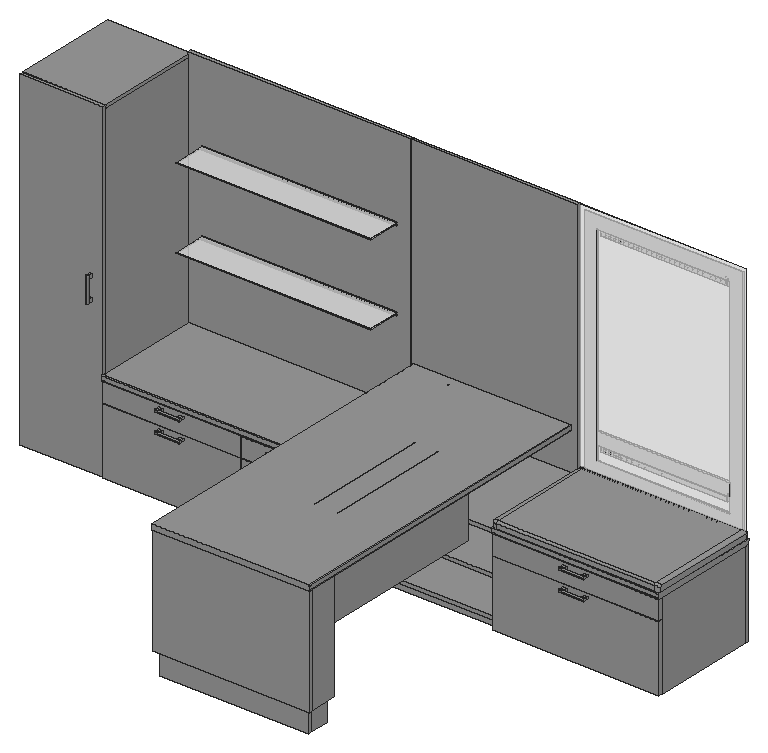
Revit family "JSI-Vision-Typical_Veneer-VSV135", category Furniture, Revit 2020 (continued)
Definition of nested family "JSI-Vision-Wall_Panel_Markerboard_Laminate-Glass_Shelf"
  Automatic sketch dimensions
    plane 1 "Center Front/Back" to Extrusion 4 sketch curve = 0.03197"  (x14)
    Extrusion 5 sketch curve to plane 1 "Center Front/Back" = 0"  (x2)
    Extrusion 5 sketch curve to Extrusion 5 sketch curve = 0.03197"  (x14)
    Extrusion 6 sketch curve to plane 1 "Center Front/Back" = 0"  (x2)
    Extrusion 6 sketch curve to Extrusion 6 sketch curve = 0.03197"  (x14)
    Extrusion 6 sketch curve to plane 5 = 2 7/8"
    plane 8 to Extrusion 6 sketch curve = 4 7/8"
    Extrusion 7 sketch curve to plane 7 = 0"
    plane 7 to Extrusion 7 sketch curve = 0.03875"  (x2)
    plane 1 "Center Front/Back" to Extrusion 7 sketch curve = 0.18812"
    Extrusion 7 sketch curve to plane 10 = 0.11811"
    Extrusion 7 sketch curve to Extrusion 7 sketch curve = 0.03875"
    plane 10 to Extrusion 7 sketch curve = 0.07874"
    plane 10 to Extrusion 7 sketch curve = 0.11811"
    plane 10 to Extrusion 8 sketch curve = 0.1829"
    plane 1 "Center Front/Back" to Extrusion 8 sketch curve = 0.99939"
    Extrusion 8 sketch curve to plane 10 = 0.1829"
    Extrusion 8 sketch curve to Extrusion 8 sketch curve = 0"
    Extrusion 8 sketch curve to Extrusion 8 sketch curve = 0.26706"  (x2)
    Extrusion 8 sketch curve to Extrusion 8 sketch curve = 0.16855"  (x2)
    plane 1 "Center Front/Back" to Extrusion 8 sketch curve = 0.2"  (x2)
    plane 1 "Center Front/Back" to Extrusion 8 sketch curve = 0.12906"
    Extrusion 8 sketch curve to Extrusion 8 sketch curve = 0.09512"  (x2)
    plane 1 "Center Front/Back" to Extrusion 8 sketch curve = 0.03647"
    Extrusion 8 sketch curve to Extrusion 8 sketch curve = 0.15251"  (x2)
    Extrusion 8 sketch curve to Extrusion 8 sketch curve = 0.4589"  (x2)
    Extrusion 8 sketch curve to Extrusion 8 sketch curve = 0.07343"  (x2)
    Extrusion 8 sketch curve to Extrusion 8 sketch curve = 0.47224"  (x2)
Definition of nested family "JSI-Vision-Box_File_Modular_Bench_Pedestal"
  Parameters (values of type "Type Catalog")
    Width = 18"
    URL = "www.jsifurniture.com"
    Top = none
    Tag = "BF"
    Series = "Vision Casegoods"  # constant formula
    Pull Finish = none
    Model = "Type Catalog"
    Manufacturer = "JSI"  # constant formula
    Keynote = "12500"
    JSI Enviromental Website = "http://www.jsifurniture.com/jsi_sustainability_intro.php"
    Height = 18 3/4"
    Description = "Type Catalog"
    Depth = 18"
    Default Elevation = 0"
    Chassis = none
    Drawer Front = none
    Assembly Code = "E2020200"
  Reference planes (in)
    plane 1 "Center Front/Back": y = 0
    plane 2: z = 0
    plane 3 "Center Left/Right": x = 0
    plane 4: x = 18
    plane 5: y = -17.12
    plane 6: y = -17.25
    plane 7: x = 0.0625
    plane 8: x = 17.9375
    plane 9: y = -18
    plane 10: z = 0.14
    plane 11: z = 14.3909
    plane 12: z = 14.5159
    plane 13: x = 0.75
    plane 14: x = 17.25
    plane 15: y = -0.75
    plane 16: y = -16.37913
    plane 17: x = 9
    plane 18: z = 18.75
    plane 19: z = 18.6409
    plane 20: z = 18
  Forms (in)
    Extrusion 1, solid, material <- "Chassis"
      sketch origin (0.125, -0.1875, 48) x (0, 1, 0) y (0, 0, 1)
        loop
          line (-0.5625, -29.25) -> (-16.9325, -29.25) -> (-16.9325, -48) -> (-0.5625, -48) -> (-0.5625, -29.25)
      from -0.125 to 0.625
    Extrusion 2, solid, material <- "Chassis"
      sketch origin (29.875, -0.1875, 48) x (0, 1, 0) y (0, 0, 1)
        loop
          line (-0.5625, -29.25) -> (-16.9325, -29.25) -> (-16.9325, -48) -> (-0.5625, -48) -> (-0.5625, -29.25)
      from -12.625 to -11.875
    Extrusion 3, solid, material <- "Drawer Front"
      sketch origin (0, 0, 0) x (1, 0, 0) y (0, 0, 1)
        loop
          line (0.0625, 18.6409) -> (0.0625, 14.5159) -> (17.9375, 14.5159) -> (17.9375, 18.6409) -> (0.0625, 18.6409)
        loop
          line (0.0625, 14.3909) -> (0.0625, 0.14) -> (17.9375, 0.14) -> (17.9375, 14.3909) -> (0.0625, 14.3909)
      from 17.25 to 18
    Extrusion 4, solid, material <- "Chassis"
      sketch origin (0, 0, 0) x (1, 0, 0) y (0, 1, 0)
        loop
          line (0.75, -16.37913) -> (0.75, -17.12) -> (17.25, -17.12) -> (17.25, -16.37913) -> (0.75, -16.37913)
      from 0 to 1.9375
    Extrusion 5, solid, material <- "Top"
      sketch origin (0, 0, 0) x (0, 1, 0) y (0, 0, 1)
        loop
          line (-1.5, 18.75) -> (-17.12, 18.75) -> (-17.12, 18) -> (-1.5, 18) -> (-1.5, 18.75)
      from 0.75 to 17.25
    Extrusion 6, solid, material <- "Chassis"
      sketch origin (0, 0, 0) x (0, 1, 0) y (0, 0, 1)
        loop
          line (-1.5, 13.75) -> (-0.75, 13.75) -> (-0.75, 18.75) -> (-1.5, 18.75) -> (-1.5, 13.75)
        loop
          line (-1.5, 0) -> (-0.75, 0) -> (-0.75, 5) -> (-1.5, 5) -> (-1.5, 0)
      from 0.75 to 17.25
  Lines and regions (in)
    symbolic lines
      curve 1: line (0, 0, 0) -> (18, 0, 0)
      curve 2: line (0, -17.12, 0) -> (0, 0, 0)
      curve 3: line (18, -17.12, 0) -> (0, -17.12, 0)
      curve 4: line (18, 0, 0) -> (18, -17.12, 0)
      curve 5: line (0.0625, -17.25, 0) -> (17.9375, -17.25, 0)
      curve 6: line (0.0625, -18, 0) -> (0.0625, -17.25, 0)
      curve 7: line (17.9375, -18, 0) -> (0.0625, -18, 0)
      curve 8: line (17.9375, -17.25, 0) -> (17.9375, -18, 0)
  Dimensions and locks (in)
    plane 16 to plane 5 to plane 6 to plane 9 = 0.74087" locked, 0.13" locked, 3/4" locked
    "Depth": plane 1 "Center Front/Back" to plane 9
    locked: plane 19 to plane 18 at 0.1091
    "Width": plane 3 "Center Left/Right" to plane 4
    equal spacing: plane 3 "Center Left/Right", plane 17, plane 4
    plane 1 "Center Front/Back" to plane 15 = 3/4"
    "Height": plane 18 to level
    locked: plane 18 to plane 20 at 0.75
    locked: plane 12 to plane 11 at 0.125
    plane 19 to plane 12 to plane 10 to plane 2 = 4 1/8" locked, 14.3759" locked, 0.14" locked
    plane 3 "Center Left/Right" to plane 7 to plane 13 = 1/16" locked, 11/16" locked
    plane 14 to plane 8 to plane 4 = 11/16" locked, 1/16" locked
    locked: Extrusion 6 sketch curve to plane 2 at 5
    locked: Extrusion 6 sketch curve to plane 18 at 5
    locked: plane 15 to Extrusion 6 sketch curve at 0.75
    locked: Extrusion 3 to nested 2 at 0.75
    locked: Extrusion 3 to nested 1 at 0.75
    aligned and locked: level to plane 2
    aligned and locked: plane 15 to Extrusion 1 sketch curve
    aligned and locked: Extrusion 1 sketch curve to plane 5
    aligned and locked: Extrusion 1 sketch curve to level
    aligned and locked: plane 13 to Extrusion 1
    aligned and locked: Extrusion 2 sketch curve to plane 15
    aligned and locked: level to Extrusion 2 sketch curve
    aligned and locked: plane 5 to Extrusion 2 sketch curve
    aligned and locked: Extrusion 3 sketch curve to plane 7  (x2)
    aligned and locked: plane 8 to Extrusion 3 sketch curve  (x2)
    aligned and locked: plane 12 to Extrusion 3 sketch curve
    aligned and locked: Extrusion 3 sketch curve to plane 11
    aligned and locked: plane 10 to Extrusion 3 sketch curve
    aligned and locked: Extrusion 3 to plane 9
    aligned and locked: plane 6 to Extrusion 3
    aligned and locked: Extrusion 4 sketch curve to plane 16
    aligned and locked: plane 13 to Extrusion 4 sketch curve
    aligned and locked: nested 1 to plane 9
    aligned and locked: nested 2 to plane 9
    aligned and locked: nested 2 to plane 17
    aligned and locked: nested 1 to plane 17
    aligned and locked: plane 17 to nested 3
    aligned and locked: nested 3 to plane 9
    aligned and locked: plane 18 to Extrusion 2
    aligned and locked: plane 18 to Extrusion 1
    aligned and locked: plane 19 to Extrusion 3 sketch curve
    aligned and locked: Extrusion 1 to plane 3 "Center Left/Right"
    aligned and locked: plane 3 "Center Left/Right" to curve 2
    aligned and locked: plane 1 "Center Front/Back" to curve 1
    aligned and locked: plane 4 to Extrusion 2
    aligned and locked: curve 4 to plane 4
    aligned and locked: Extrusion 5 sketch curve to plane 18
    aligned and locked: Extrusion 2 to plane 14
    aligned and locked: Extrusion 5 to plane 5
    aligned and locked: plane 14 to Extrusion 5
    aligned and locked: Extrusion 6 sketch curve to Extrusion 6 sketch curve  (x2)
    aligned and locked: plane 15 to Extrusion 6 sketch curve
    aligned and locked: plane 18 to Extrusion 6 sketch curve
    aligned and locked: Extrusion 6 sketch curve to plane 2
    aligned and locked: Extrusion 6 to Extrusion 5 sketch curve
    aligned and locked: Extrusion 6 to plane 13
    aligned and locked: plane 14 to Extrusion 6
  Automatic sketch dimensions
    Extrusion 4 sketch curve to plane 5 = 0"
    Extrusion 4 sketch curve to plane 14 = 0"
    curve 6 to plane 6 = 0"
    curve 6 to plane 7 = 0"
    curve 5 to plane 8 = 0"
    curve 6 to plane 9 = 0"
    curve 2 to plane 5 = 0"
    Extrusion 1 sketch curve to plane 18 = 0"
    Extrusion 2 sketch curve to plane 18 = 0"
    Extrusion 5 sketch curve to Extrusion 5 sketch curve = 3/4"
    plane 9 to Extrusion 5 sketch curve = 0.88"
  Nested families (in)
    nested 1: "Bar Pull" at (9, -18, 13.6409), Pull Finish <- "Pull Finish", type "PL"
      with Pull Finish none
    nested 2: "Bar Pull" at (9, -18, 17.8909), Pull Finish <- "Pull Finish", type "PL"
      with Pull Finish none
    nested 3: "Label 1-16" at (9, -18, 0), type "DRWCFG"
  Definition of nested family "Bar Pull"
    Parameters
      Pull Finish [instance] = none
      Default Elevation = 0"
    Reference planes (in)
      plane 1 "Center Front/Back": y = 0
      plane 2: z = 0
      plane 3 "Center Left/Right": x = 0
      plane 4: x = -2.68731
      plane 5: x = -1.88731
      plane 6: x = 2.68731
      plane 7: x = 1.88731
      plane 8: y = -1
      plane 9: y = -0.85202
    Forms (in)
      Extrusion 1, solid, material <- "Pull Finish"
        sketch origin (0, 0, 0) x (0, 1, 0) y (0, 0, 1)
          loop
            line (0, -0.2015) -> (0, 0.2015) -> (-0.85202, 0.2015)
            arc (-0.85202, 0.2015) -> (-0.75, 0) -> (-0.85202, -0.2015) r 0.25
            line (-0.85202, -0.2015) -> (0, -0.2015)
        from 1.88731 to 2.68731
      Extrusion 2, solid, material <- "Pull Finish"
        sketch origin (0, 0, 0) x (0, 1, 0) y (0, 0, 1)
          loop
            circle (-1, 0) r 0.25
        from -2.68731 to 2.68731
      Extrusion 3, solid, material <- "Pull Finish"
        sketch origin (0, 0, 0) x (0, 1, 0) y (0, 0, -1)
          loop
            line (0, 0.2015) -> (-0.85202, 0.2015)
            arc (-0.85202, 0.2015) -> (-0.75, 0) -> (-0.85202, -0.2015) r 0.25
            line (-0.85202, -0.2015) -> (0, -0.2015) -> (0, 0.2015)
        from 1.88731 to 2.68731
    Dimensions and locks (in)
      plane 4 to plane 5 to plane 3 "Center Left/Right" to plane 7 to plane 6 = 0.8" locked, 1.88731" locked, 1.88731" locked, 0.8" locked
      plane 8 to plane 9 to plane 1 "Center Front/Back" = 0.14798" locked, 0.85202" locked
      aligned and locked: level to plane 2
      aligned and locked: plane 4 to Extrusion 3
      aligned and locked: Extrusion 3 to plane 5
      aligned and locked: plane 4 to Extrusion 2
      aligned and locked: Extrusion 1 to plane 7
      aligned and locked: plane 6 to Extrusion 1
      aligned and locked: plane 6 to Extrusion 2
      aligned and locked: plane 8 to Extrusion 2 sketch curve
      aligned and locked: Extrusion 3 to plane 1 "Center Front/Back"
      aligned and locked: Extrusion 1 to plane 1 "Center Front/Back"
      aligned and locked: plane 5 to Extrusion 3
      aligned and locked: Extrusion 3 to plane 4
      aligned and locked: Extrusion 2 to plane 4
      aligned and locked: plane 7 to Extrusion 1
      aligned and locked: Extrusion 1 to plane 6
      aligned and locked: Extrusion 2 to plane 6
  Definition of nested family "Label 1-16"
    Parameters
      Width = 1"
      Model Name = "FF"
    Reference planes (in)
      plane 1: y = 0
      plane 2: x = 0
    Text (in)
      label "XX" at (0.00051, -0.12324, 0), shows "Model Name"
Definition of nested family "JSI-Vision-Bench_Height_Modular_Top"
  Parameters (values of type "Type Catalog")
    Worksurface = none
    Width = 42"
    URL = "www.jsifurniture.com"
    Type Comments = ""
    Series = "Vision Casegoods"  # constant formula
    Model = "Type Catalog"
    Material = ""
    Manufacturer = "JSI"  # constant formula
    Keynote = "12500"
    JSI Enviromental Website = "http://www.jsifurniture.com/jsi_sustainability_intro.php"
    Height = 19 1/2"
    Description = "Type Catalog"
    Depth = 30"
    Default Elevation = 0"
    Assembly Code = "E2020200"
  Reference planes (in)
    plane 1 "Center Front/Back": y = 0
    plane 2: z = 0
    plane 3 "Center Left/Right": x = 0
    plane 4: z = 0
    plane 5: x = 42
    plane 6: y = -30
    plane 7: z = 20.6875
    plane 8: z = 19.5
  Forms (in)
    Extrusion 1, solid, material <- "Worksurface"
      sketch origin (0, 0, 28) x (0, 1, 0) y (0, 0, 1)
        loop
          line (-29.88189, -8.5) -> (0, -8.5) -> (0, -7.3125) -> (-29.88189, -7.3125)
          arc (-29.88189, -7.3125) -> (-29.96541, -7.34709) -> (-30, -7.43061) r 0.11811
          line (-30, -7.43061) -> (-30, -8.38189)
          arc (-30, -8.38189) -> (-29.96541, -8.46541) -> (-29.88189, -8.5) r 0.11811
      from 0 to 42
  Lines and regions (in)
    symbolic lines
      curve 1: line (0, 0, 0) -> (42, 0, 0)
      curve 2: line (0, -30, 0) -> (0, 0, 0)
      curve 3: line (42, -30, 0) -> (0, -30, 0)
      curve 4: line (42, 0, 0) -> (42, -30, 0)
  Dimensions and locks (in)
    "Depth": plane 6 to plane 1 "Center Front/Back"
    "Width": plane 5 to plane 3 "Center Left/Right"
    locked: plane 7 to plane 8 at 1.1875
    "Height": plane 8 to level
    aligned and locked: level to plane 2
    aligned and locked: plane 5 to Extrusion 1
    aligned and locked: curve 1 to Extrusion 1
    aligned and locked: curve 2 to Extrusion 1
    aligned and locked: plane 6 to curve 3
    aligned and locked: curve 4 to plane 5
    aligned and locked: Extrusion 1 to plane 8
    aligned and locked: Extrusion 1 to plane 7
  Automatic sketch dimensions
    Extrusion 1 sketch curve to plane 6 = 0"
    level to Extrusion 1 sketch curve = 19 1/2"
    Extrusion 1 sketch curve to plane 7 = 0"
    Extrusion 1 sketch curve to plane 1 "Center Front/Back" = 0"
    Extrusion 1 sketch curve to Extrusion 1 sketch curve = 0.11811"
    plane 6 to Extrusion 1 sketch curve = 0.11811"
Definition of nested family "JSI-Vision-Adj_Height_Peninsula_Desk-Credenza"
  Parameters (values of type "VSTB3672-AH24PDR, Adj Height Peninsula Desk Credenza 20"H, 72"W")
    Width = 72"
    Upper Leg Finish = none
    Upper Case Finish = none
    URL = "www.jsifurniture.com"
    Type Comments = ""
    Top Finish = none
    Support Finish = none
    Side Finish = none
    Shelf Finish = none
    Series = "Vision Casegoods"  # constant formula
    Rail Finish = none
    Modesty Finish = none
    Model = "VSTB3672-AH24PDR"
    Manufacturer = "JSI"  # constant formula
    Low Leg Finish = none
    Low Case Finish = none
    Keynote = "12500"  # constant formula
    JSI Enviromental Website = "http://www.jsifurniture.com/jsi_sustainability_intro.php"
    Height = 29 1/2"
    Grommet Finish = none
    Divider Finish = none
    Description = "Adj Height Peninsula Desk Credenza Laminate - 72\"W x 36\"D x Adj Height"
    Depth = 36"
    Default Elevation = 0"
    Back Finish = none
    Assembly Code = "E2020200"
  Types (2): name | Model | Description
    VSTB3672-AH24PDR, Adj Height Peninsula Desk Credenza 20"H, 72"W | "VSTB3672-AH24PDR" | "Adj Height Peninsula Desk Credenza Laminate - 72\"W x 36\"D x Adj Height"
    VSVB3672-AH24PDR, Adj Height Peninsula Desk Credenza 20"H, 72"W | "VSVB3672-AH24PDR" | "Adj Height Peninsula Desk Credenza Venner - 72\"W x 36\"D x Adj Height"
  Reference planes (in)
    plane 1 "Center Front/Back": y = 0
    plane 2: z = 0
    plane 3 "Center Left/Right": x = 0
    plane 4: z = 0
    plane 5: x = 72
    plane 6: z = 29.5
    plane 7: y = -36
    plane 8: z = 28.3125
    plane 9: y = -18
  Forms (in)
    Extrusion 1, solid, material <- "Top Finish"
      sketch origin (0, 0, 0) x (0, 1, 0) y (0, 0, 1)
        loop
          arc (-35, 28.43061) -> (-34.96541, 28.34709) -> (-34.88189, 28.3125) r 0.11811
          line (-34.88189, 28.3125) -> (-1.125, 28.3125)
          arc (-1.125, 28.3125) -> (-1.03661, 28.34911) -> (-1, 28.4375) r 0.125
          line (-1, 28.4375) -> (-1, 29.375)
          arc (-1, 29.375) -> (-1.03661, 29.46339) -> (-1.125, 29.5) r 0.125
          line (-1.125, 29.5) -> (-34.88189, 29.5)
          arc (-34.88189, 29.5) -> (-34.96541, 29.46541) -> (-35, 29.38189) r 0.11811
          line (-35, 29.38189) -> (-35, 28.43061)
      from 1.53913 to 72
    Extrusion 2, solid, material <- "Top Finish"
      sketch origin (0, 0, 0) x (1, 0, 0) y (0, 0, 1)
        loop
          line (0, 19.53125) -> (0, 18.78125) -> (23.75, 18.78125) -> (23.75, 19.53125) -> (0, 19.53125)
      from 0 to 36
    Extrusion 3, solid, material <- "Shelf Finish"
      sketch origin (0, 0, 0) x (0, 1, 0) y (0, 0, 1)
        loop
          line (-0.8125, 18.03125) -> (-0.8125, 18.78125) -> (-35.1875, 18.78125) -> (-35.1875, 18.03125) -> (-0.8125, 18.03125)
      from 0.75 to 22.875
    Extrusion 4, solid, material <- "Side Finish"
      sketch origin (0, 0, 0) x (1, 0, 0) y (0, 1, 0)
        loop
          line (22.875, -0.8125) -> (22.875, -0.0625) -> (0.75, -0.0625) -> (0.75, -0.8125) -> (22.875, -0.8125)
        loop
          line (22.875, -35.1875) -> (0.75, -35.1875) -> (0.75, -35.9375) -> (22.875, -35.9375) -> (22.875, -35.1875)
      from 0 to 18.78125
    Extrusion 5, solid, material <- "Back Finish"
      sketch origin (0, 0, 0) x (1, 0, 0) y (0, 1, 0)
        loop
          line (0.75, -35.9375) -> (0.75, -0.0625) -> (0, -0.0625) -> (0, -35.9375) -> (0.75, -35.9375)
      from 0 to 18.78125
    Extrusion 6, solid, material <- "Divider Finish"
      sketch origin (0, 0, 0) x (1, 0, 0) y (0, 0, 1)
        loop
          line (9.42028, 1.96875) -> (9.42028, 15.96875) -> (8.67028, 15.96875) -> (8.67028, 1.96875) -> (9.42028, 1.96875)
      from 0.8125 to 35.1875
    Extrusion 7, solid, material <- "Shelf Finish"
      sketch origin (0, 0, 0) x (1, 0, 0) y (0, 0, 1)
        loop
          line (22.42028, 9.98844) -> (9.42028, 9.98844) -> (9.42028, 9.23844) -> (22.42028, 9.23844) -> (22.42028, 9.98844)
        loop
          line (22.75, 1.96875) -> (0.75, 1.96875) -> (0.75, 1.21875) -> (22.75, 1.21875) -> (22.75, 1.96875)
      from 0.8125 to 35.1875
    Extrusion 8, solid, material <- "Upper Case Finish"
      sketch origin (0, 0, 0) x (1, 0, 0) y (0, 1, 0)
        loop
          line (71.09769, -1.125) -> (71.09769, -34.875) -> (71.84769, -34.875) -> (71.84769, -1.125) -> (71.09769, -1.125)
      from 4.84375 to 28.3125
    Extrusion 9, solid, material <- "Low Case Finish"
      sketch origin (0, 0, 0) x (1, 0, 0) y (0, 1, 0)
        loop
          line (70.22269, -2.03125) -> (70.22269, -33.96875) -> (70.97269, -33.96875) -> (70.97269, -2.03125) -> (70.22269, -2.03125)
        loop
          line (66.80241, -33.1875) -> (66.80241, -2.8125) -> (66.05241, -2.8125) -> (66.05241, -33.1875) -> (66.80241, -33.1875)
      from 24.4375 to 0
    Extrusion 10, solid, material <- "Low Case Finish"
      sketch origin (0, 0, 0) x (1, 0, 0) y (0, 1, 0)
        loop
          line (70.22269, -2.0625) -> (66.00394, -2.0625) -> (66.00394, -2.8125) -> (70.22269, -2.8125) -> (70.22269, -2.0625)
        loop
          line (70.22269, -33.1875) -> (66.00394, -33.1875) -> (66.00394, -33.9375) -> (70.22269, -33.9375) -> (70.22269, -33.1875)
      from 0 to 24.4375
    Extrusion 11, solid, material <- "Rail Finish"
      sketch origin (0, 0, 0) x (1, 0, 0) y (0, 0, 1)
        loop
          line (19.625, 1.21875) -> (19.625, 0) -> (22.625, 0) -> (22.625, 1.21875) -> (19.625, 1.21875)
        loop
          line (5.875, 1.21875) -> (2.125, 1.21875) -> (2.125, 0) -> (5.875, 0) -> (5.875, 1.21875)
      from 0.8125 to 35.1875
    Extrusion 12, solid, material <- "Modesty Finish"
      sketch origin (0, 0, 0) x (0, 1, 0) y (0, 0, 1)
        loop
          line (-4.375, 28.3125) -> (-5.125, 28.3125) -> (-5.125, 16.34375) -> (-4.375, 16.34375) -> (-4.375, 28.3125)
      from 25.03519 to 64.78519
    Extrusion 13, solid, material <- "Upper Case Finish"
      sketch origin (0, 0, 0) x (0, 1, 0) y (0, 0, 1)
        loop
          arc (-21.875, 25.46875) -> (-22.05178, 25.54197) -> (-22.125, 25.71875) r 0.25
          line (-22.125, 25.71875) -> (-22.125, 28.3125) -> (-34.09375, 28.3125) -> (-34.09375, 4.84375) -> (-1.90625, 4.84375) -> (-1.90625, 28.3125) -> (-13.875, 28.3125) -> (-13.875, 25.71875)
          arc (-13.875, 25.71875) -> (-13.94822, 25.54197) -> (-14.125, 25.46875) r 0.25
          line (-14.125, 25.46875) -> (-21.875, 25.46875)
      from 65.12894 to 65.87894
    Extrusion 14, solid, material <- "Upper Case Finish"
      sketch origin (0, 0, 0) x (1, 0, 0) y (0, 1, 0)
        loop
          line (65.09769, -1.90625) -> (71.09769, -1.90625) -> (71.09769, -1.15625) -> (65.09769, -1.15625) -> (65.09769, -1.90625)
        loop
          line (71.09769, -34.09375) -> (65.09769, -34.09375) -> (65.09769, -34.84375) -> (71.09769, -34.84375) -> (71.09769, -34.09375)
      from 4.84375 to 28.3125
    Extrusion 15, void
      sketch origin (0, 0, 0) x (1, 0, 0) y (0, 1, 0)
        loop
          line (8.03125, -16.375) -> (6.65625, -16.375)
          arc (6.65625, -16.375) -> (6.47947, -16.44822) -> (6.40625, -16.625) r 0.25
          line (6.40625, -16.625) -> (6.40625, -19.375)
          arc (6.40625, -19.375) -> (6.47947, -19.55178) -> (6.65625, -19.625) r 0.25
          line (6.65625, -19.625) -> (8.03125, -19.625)
          arc (8.03125, -19.625) -> (8.20803, -19.55178) -> (8.28125, -19.375) r 0.25
          line (8.28125, -19.375) -> (8.28125, -16.625)
          arc (8.28125, -16.625) -> (8.20803, -16.44822) -> (8.03125, -16.375) r 0.25
        loop
          arc (2.96875, -16.59379) -> (2.88036, -16.6304) -> (2.84375, -16.71879) r 0.125
          line (2.84375, -16.71879) -> (2.84375, -19.28129)
          arc (2.84375, -19.28129) -> (2.88036, -19.36968) -> (2.96875, -19.40629) r 0.125
          line (2.96875, -19.40629) -> (5.53125, -19.40629)
          arc (5.53125, -19.40629) -> (5.61964, -19.36968) -> (5.65625, -19.28129) r 0.125
          line (5.65625, -19.28129) -> (5.65625, -16.71879)
          arc (5.65625, -16.71879) -> (5.61964, -16.6304) -> (5.53125, -16.59379) r 0.125
          line (5.53125, -16.59379) -> (2.96875, -16.59379)
      from 18.03125 to 19.53125
  Cuts and joins
    Extrusion 15 cuts Extrusion 3
    Extrusion 15 cuts Extrusion 2
  Lines and regions (in)
    symbolic lines
      curve 1: line (1.53913, -1, 0) -> (1.53913, -35, 0)
      curve 2: line (72, -35, 0) -> (72, -1, 0)
      curve 3: line (72, -1, 0) -> (1.53913, -1, 0)
      curve 4: line (1.53913, -35, 0) -> (72, -35, 0)
      curve 5: line (23.75, 0, 0) -> (0, 0, 0)
      curve 6: line (0, 0, 0) -> (0, -36, 0)
      curve 7: line (0, -36, 0) -> (23.75, -36, 0)
      curve 8: line (23.75, -36, 0) -> (23.75, -35, 0)
      curve 9: line (23.75, 0, 0) -> (23.75, -1, 0)
      curve 10: line (23.75, -1, 0) -> (23.75, -35, 0)
      curve 11: line (71.84769, -34.875, 0) -> (71.84769, -1.125, 0)
      curve 12: line (71.84769, -1.125, 0) -> (71.09769, -1.125, 0)
      curve 13: line (71.09769, -1.125, 0) -> (71.09769, -34.875, 0)
      curve 14: line (71.09769, -34.875, 0) -> (71.84769, -34.875, 0)
      curve 15: line (71.09769, -1.15625, 0) -> (65.09769, -1.15625, 0)
      curve 16: line (65.09769, -1.15625, 0) -> (65.09769, -1.90625, 0)
      curve 17: line (65.09769, -1.90625, 0) -> (71.09769, -1.90625, 0)
      curve 18: line (65.87894, -1.90625, 0) -> (65.87894, -34.09375, 0)
      curve 19: line (71.09769, -34.09375, 0) -> (65.87894, -34.09375, 0)
      curve 20: line (65.09769, -34.09375, 0) -> (65.09769, -34.84375, 0)
      curve 21: line (65.09769, -34.84375, 0) -> (71.09769, -34.84375, 0)
      curve 22: line (65.87894, -34.09375, 0) -> (65.87894, -1.90625, 0)
      curve 23: line (25.03519, -5.125, 0) -> (64.78519, -5.125, 0)
      curve 24: line (64.78519, -5.125, 0) -> (64.78519, -4.375, 0)
      curve 25: line (64.78519, -4.375, 0) -> (25.03519, -4.375, 0)
      curve 26: line (25.03519, -4.375, 0) -> (25.03519, -5.125, 0)
  Dimensions and locks (in)
    locked: plane 8 to plane 6 at 1.1875
    "Width": plane 3 "Center Left/Right" to plane 5
    "Depth": plane 7 to plane 1 "Center Front/Back"
    "Height": plane 6 to plane 4
    locked: Extrusion 1 sketch curve to plane 7 at 1
    locked: plane 1 "Center Front/Back" to Extrusion 1 sketch curve at 1
    locked: Extrusion 1 to plane 3 "Center Left/Right" at 1.53913
    locked: Extrusion 2 sketch curve to plane 3 "Center Left/Right" at 23.75
    Extrusion 2 sketch curve to Extrusion 2 sketch curve to plane 4 = 3/4" locked, 18 25/32" locked
    locked: plane 1 "Center Front/Back" to Extrusion 3 sketch curve at 0.8125
    locked: Extrusion 3 sketch curve to plane 7 at 0.8125
    locked: Extrusion 3 sketch curve to Extrusion 2 at 0.75
    plane 7 to Extrusion 4 sketch curve to Extrusion 4 sketch curve = 1/16" locked, 3/4" locked
    Extrusion 4 sketch curve to Extrusion 4 sketch curve to plane 1 "Center Front/Back" = 3/4" locked, 1/16" locked
    locked: plane 3 "Center Left/Right" to Extrusion 5 sketch curve at 0.75
    locked: Extrusion 5 sketch curve to plane 1 "Center Front/Back" at 0.0625
    locked: plane 7 to Extrusion 5 sketch curve at 0.0625
    plane 3 "Center Left/Right" to Extrusion 6 to Extrusion 6 = 8.67028" locked, 3/4" locked
    locked: Extrusion 7 sketch curve to Extrusion 7 sketch curve at 13
    locked: Extrusion 8 sketch curve to plane 1 "Center Front/Back" at 1.125
    locked: plane 7 to Extrusion 8 sketch curve at 1.125
    Extrusion 8 sketch curve to Extrusion 8 sketch curve to plane 5 = 3/4" locked, 0.15231" locked
    Extrusion 8 to plane 4 = 4 27/32"
    Extrusion 9 sketch curve to Extrusion 9 sketch curve to Extrusion 9 sketch curve to Extrusion 9 sketch curve to plane 5 = 3/4" locked, 3.42028" locked, 3/4" locked, 1.02731" locked
    plane 7 to Extrusion 9 sketch curve to Extrusion 9 sketch curve = 2 1/32" locked, 25/32" locked
    Extrusion 9 sketch curve to Extrusion 9 sketch curve to plane 1 "Center Front/Back" = 25/32" locked, 2 1/32" locked
    plane 7 to Extrusion 10 sketch curve to Extrusion 10 sketch curve = 2 1/16" locked, 3/4" locked
    Extrusion 10 sketch curve to Extrusion 10 sketch curve to plane 1 "Center Front/Back" = 3/4" locked, 2 1/16" locked
    Extrusion 10 sketch curve to Extrusion 10 sketch curve to plane 5 = 4 7/32" locked, 1.77731" locked
    Extrusion 7 sketch curve to Extrusion 7 sketch curve to plane 3 "Center Left/Right" = 22" locked, 3/4" locked
    Extrusion 4 to Extrusion 11 sketch curve to Extrusion 11 sketch curve = 1/4" locked, 3" locked
    Extrusion 11 sketch curve to Extrusion 11 sketch curve to plane 3 "Center Left/Right" = 3 3/4" locked, 2 1/8" locked
    locked: Extrusion 12 sketch curve to plane 8 at 11.96875
    plane 1 "Center Front/Back" to Extrusion 12 sketch curve to Extrusion 12 sketch curve = 4 3/8" locked, 3/4" locked
    Extrusion 12 to Extrusion 12 to plane 5 = 39 3/4" locked, 7.21481" locked
    equal spacing: plane 7, plane 9, plane 1 "Center Front/Back"
    plane 7 to Extrusion 14 sketch curve to Extrusion 14 sketch curve = 1 5/32" locked, 3/4" locked
    Extrusion 14 sketch curve to Extrusion 14 sketch curve to plane 5 = 6" locked, 0.90231" locked
    plane 3 "Center Left/Right" to Extrusion 15 sketch curve to Extrusion 15 sketch curve to Extrusion 15 sketch curve to Extrusion 15 sketch curve to Extrusion 15 sketch curve to Extrusion 15 sketch curve = 2 27/32" locked, 2 13/16" locked, 3/4" locked, 1/4" locked, 1 3/8" locked, 1/4" locked
    Extrusion 15 sketch curve to Extrusion 15 sketch curve to plane 9 to Extrusion 15 sketch curve to Extrusion 15 sketch curve = 1/4" locked, 1 3/8" locked, 1 3/8" locked, 1/4" locked
    locked: plane 6 to Extrusion 14 at 24.65625
    aligned and locked: level to plane 2
    aligned and locked: plane 6 to Extrusion 1 sketch curve
    aligned and locked: plane 8 to Extrusion 1 sketch curve
    aligned and locked: plane 3 "Center Left/Right" to Extrusion 2 sketch curve
    aligned and locked: Extrusion 2 to plane 1 "Center Front/Back"
    aligned and locked: plane 7 to Extrusion 2
    aligned and locked: Extrusion 3 sketch curve to Extrusion 2
    aligned and locked: Extrusion 4 sketch curve to Extrusion 4 sketch curve  (x2)
    aligned and locked: Extrusion 4 to Extrusion 2
    aligned and locked: Extrusion 4 to plane 4
    aligned and locked: Extrusion 5 sketch curve to plane 3 "Center Left/Right"
    aligned and locked: Extrusion 5 to plane 4
    aligned and locked: Extrusion 5 to Extrusion 2
    aligned and locked: Extrusion 3 to Extrusion 5
    aligned and locked: Extrusion 4 to Extrusion 3
    aligned and locked: Extrusion 7 to Extrusion 6
    aligned and locked: Extrusion 8 to plane 8
    aligned and locked: Extrusion 10 sketch curve to Extrusion 10 sketch curve  (x2)
    aligned and locked: Extrusion 7 to Extrusion 4  (x2)
    aligned and locked: Extrusion 11 sketch curve to Extrusion 7
    aligned and locked: Extrusion 7 to Extrusion 11 sketch curve
    aligned and locked: Extrusion 11 sketch curve to plane 4
    aligned and locked: plane 4 to Extrusion 11 sketch curve
    aligned and locked: Extrusion 11 to Extrusion 4  (x2)
    aligned and locked: Extrusion 12 sketch curve to plane 8
    aligned and locked: Extrusion 13 sketch curve to plane 8  (x2)
    aligned and locked: Extrusion 14 sketch curve to Extrusion 14 sketch curve  (x2)
    aligned and locked: Extrusion 13 to Extrusion 14  (x2)
    aligned and locked: Extrusion 14 to Extrusion 13
    aligned and locked: Extrusion 14 to plane 8
    aligned and locked: Extrusion 2 to nested 2
    aligned and locked: Extrusion 2 to Extrusion 15
    aligned and locked: Extrusion 3 to Extrusion 15
    aligned and locked: Extrusion 8 to Extrusion 14
    aligned and locked: cut or joined group of Extrusion 3, Extrusion 15 to Extrusion 6  (x2)
    aligned and locked: curve 1 to Extrusion 1
    aligned and locked: curve 2 to Extrusion 1
    aligned and locked: curve 3 to Extrusion 1
    aligned and locked: curve 4 to Extrusion 1
    aligned and locked: curve 11 to Extrusion 8
    aligned and locked: curve 12 to Extrusion 8
    aligned and locked: curve 13 to Extrusion 8
    aligned and locked: curve 14 to Extrusion 8
    aligned and locked: curve 23 to Extrusion 12
    aligned and locked: curve 24 to Extrusion 12
    aligned and locked: curve 25 to Extrusion 12
    aligned and locked: curve 26 to Extrusion 12
  Automatic sketch dimensions
    Extrusion 1 sketch curve to Extrusion 1 sketch curve = 0.11811"  (x2)
    Extrusion 1 sketch curve to plane 8 = 1/8"
    Extrusion 1 sketch curve to Extrusion 1 sketch curve = 0"
    plane 3 "Center Left/Right" to Extrusion 4 sketch curve = 3/4"
    Extrusion 4 sketch curve to Extrusion 4 sketch curve = 22 1/8"
    level to Extrusion 6 sketch curve = 1 31/32"
    plane 3 "Center Left/Right" to Extrusion 6 sketch curve = 8.67028"
    Extrusion 6 sketch curve to Extrusion 6 sketch curve = 3/4"
    plane 8 to Extrusion 6 sketch curve = 12 11/32"
    level to Extrusion 7 sketch curve = 9.23844"
    Extrusion 7 sketch curve to Extrusion 7 sketch curve = 3/4"  (x2)
    level to Extrusion 7 sketch curve = 1 31/32"
    Extrusion 7 sketch curve to Extrusion 7 sketch curve = 0.32972"
    Extrusion 13 sketch curve to plane 7 = 1 29/32"
    Extrusion 13 sketch curve to plane 9 = 4 1/8"
    Extrusion 13 sketch curve to Extrusion 13 sketch curve = 1/4"  (x2)
    plane 9 to Extrusion 13 sketch curve = 3 7/8"
    plane 1 "Center Front/Back" to Extrusion 13 sketch curve = 1 29/32"
    Extrusion 13 sketch curve to Extrusion 13 sketch curve = 2 19/32"
    level to Extrusion 13 sketch curve = 4 27/32"
    plane 1 "Center Front/Back" to Extrusion 14 sketch curve = 1 29/32"
    Extrusion 14 sketch curve to Extrusion 14 sketch curve = 3/4"
    Extrusion 15 sketch curve to Extrusion 15 sketch curve = 1/4"
    Extrusion 15 sketch curve to Extrusion 15 sketch curve = 1/8"  (x3)
    Extrusion 15 sketch curve to Extrusion 15 sketch curve = 2 9/16"
    plane 9 to Extrusion 15 sketch curve = 1.40621"
    Extrusion 15 sketch curve to Extrusion 15 sketch curve = 0.03129"
    plane 1 "Center Front/Back" to curve 5 = 0"
    curve 5 to plane 3 "Center Left/Right" = 0"
    plane 7 to curve 7 = 0"
    curve 1 to curve 7 = 22.21087"
    curve 20 to plane 7 = 1 5/32"
    curve 20 to curve 21 = 6"
    plane 1 "Center Front/Back" to curve 16 = 1 5/32"
    curve 20 to curve 18 = 25/32"
    curve 20 to curve 19 = 3/4"
    curve 16 to curve 15 = 3/4"
    curve 10 to curve 9 = 0"
    curve 15 to curve 12 = 0"
    curve 20 to curve 18 = 0"
    curve 9 to curve 23 = 1.28519"
    curve 25 to curve 16 = 5/16"
  Nested families (in)
    nested 1: "Mechanism Credenza" at (0, -18, 0) x (0, 1, 0) z (0, 0, 1), Width <- "Width", Height <- "Height", Upper Leg Finish <- "Upper Leg Finish", Low Leg Finish <- "Low Leg Finish", Support Finish <- "Support Finish", type "Mechanism Credenza"
      with Width 72", Upper Leg Finish none, Support Finish none, Low Leg Finish none, Height 29 1/2"
    nested 2: "Top Grommet" at (7.34375, -18, 19.53125) x (0, -1, 0) z (0, 0, 1), Gromett Finish <- "Grommet Finish", type "Top Grommet"
      with Gromett Finish none
  Definition of nested family "Mechanism Credenza"
    Parameters (values of type "Mechanism Credenza")
      Width [instance] = 71.91413"
      Support Finish [instance] = none
      Low Leg Finish [instance] = none
      Height [instance] = 29 1/2"
      Default Elevation = 0"
      Upper Leg Finish [instance] = none
    Reference planes (in)
      plane 1 "Center (Front/Back)": y = 0
      plane 2: z = 0
      plane 3 "Center (Left/Right)": x = 0
      plane 4: z = 29.5
      plane 5: y = -71.91413
    Forms (in)
      Extrusion 1, solid, material <- "Upper Leg Finish"
        sketch origin (0, 0, 0) x (1, 0, 0) y (0, 1, 0)
          loop
            line (1.09518, -3.07875) -> (-1.05049, -3.07875)
            arc (-1.05049, -3.07875) -> (-1.12009, -3.10758) -> (-1.14892, -3.17718) r 0.09843
            line (-1.14892, -3.17718) -> (-1.14892, -5.32285)
            arc (-1.14892, -5.32285) -> (-1.12009, -5.39244) -> (-1.05049, -5.42127) r 0.09843
            line (-1.05049, -5.42127) -> (1.09518, -5.42127)
            arc (1.09518, -5.42127) -> (1.16477, -5.39244) -> (1.1936, -5.32285) r 0.09843
            line (1.1936, -5.32285) -> (1.1936, -3.17718)
            arc (1.1936, -3.17718) -> (1.16477, -3.10758) -> (1.09518, -3.07875) r 0.09843
          loop
            line (1.09518, -67.36147) -> (-1.05049, -67.36147)
            arc (-1.05049, -67.36147) -> (-1.12009, -67.3903) -> (-1.14892, -67.45989) r 0.09843
            line (-1.14892, -67.45989) -> (-1.14892, -69.60556)
            arc (-1.14892, -69.60556) -> (-1.12009, -69.67516) -> (-1.05049, -69.70399) r 0.09843
            line (-1.05049, -69.70399) -> (1.09518, -69.70399)
            arc (1.09518, -69.70399) -> (1.16477, -69.67516) -> (1.1936, -69.60556) r 0.09843
            line (1.1936, -69.60556) -> (1.1936, -67.45989)
            arc (1.1936, -67.45989) -> (1.16477, -67.3903) -> (1.09518, -67.36147) r 0.09843
        from 2.63878 to 26.43059
      Extrusion 2, solid, material <- "Support Finish"
        sketch origin (0, 0, 0) x (0, 1, 0) y (0, 0, 1)
          loop
            line (-2.08391, 26.43059) -> (-2.08391, 28.19439) -> (-10.74533, 28.19439) -> (-10.74533, 28.006) -> (-10.18323, 28.006) -> (-9.68304, 26.43059) -> (-2.08391, 26.43059)
          loop
            line (-70.66868, 26.43059) -> (-63.06954, 26.43059) -> (-62.56935, 28.006) -> (-62.00726, 28.006) -> (-62.00726, 28.19439) -> (-70.66868, 28.19439) -> (-70.66868, 26.43059)
        from -1.89028 to 1.90897
      Extrusion 3, solid, material <- "Low Leg Finish"
        sketch origin (0, 0, 0) x (1, 0, 0) y (0, 1, 0)
          loop
            arc (-1.25894, -2.84375) -> (-1.34733, -2.88036) -> (-1.38394, -2.96875) r 0.125
            line (-1.38394, -2.96875) -> (-1.38394, -5.53125)
            arc (-1.38394, -5.53125) -> (-1.34733, -5.61964) -> (-1.25894, -5.65625) r 0.125
            line (-1.25894, -5.65625) -> (1.30356, -5.65625)
            arc (1.30356, -5.65625) -> (1.39194, -5.61964) -> (1.42856, -5.53125) r 0.125
            line (1.42856, -5.53125) -> (1.42856, -2.96875)
            arc (1.42856, -2.96875) -> (1.39194, -2.88036) -> (1.30356, -2.84375) r 0.125
            line (1.30356, -2.84375) -> (-1.25894, -2.84375)
          loop
            arc (-1.25894, -67.12648) -> (-1.34733, -67.16309) -> (-1.38394, -67.25148) r 0.125
            line (-1.38394, -67.25148) -> (-1.38394, -69.81398)
            arc (-1.38394, -69.81398) -> (-1.34733, -69.90237) -> (-1.25894, -69.93898) r 0.125
            line (-1.25894, -69.93898) -> (1.30356, -69.93898)
            arc (1.30356, -69.93898) -> (1.39194, -69.90237) -> (1.42856, -69.81398) r 0.125
            line (1.42856, -69.81398) -> (1.42856, -67.25148)
            arc (1.42856, -67.25148) -> (1.39194, -67.16309) -> (1.30356, -67.12648) r 0.125
            line (1.30356, -67.12648) -> (-1.25894, -67.12648)
        from 2.34351 to 26.07628
      Extrusion 4, solid, material <- "Support Finish"
        sketch origin (0, 0, 0) x (1, 0, 0) y (0, 0, 1)
          loop
            arc (-3.00155, 28.19439) -> (-3.05752, 28.17121) -> (-3.08071, 28.11524) r 0.07915
            line (-3.08071, 28.11524) -> (-3.08071, 27.09142)
            arc (-3.08071, 27.09142) -> (-3.05782, 27.03617) -> (-3.00258, 27.01329) r 0.07813
            line (-3.00258, 27.01329) -> (-1.97781, 27.01329)
            arc (-1.97781, 27.01329) -> (-1.92257, 27.03617) -> (-1.89968, 27.09142) r 0.07813
            line (-1.89968, 27.09142) -> (-1.89968, 28.11627)
            arc (-1.89968, 28.11627) -> (-1.92257, 28.17151) -> (-1.97781, 28.19439) r 0.07813
            line (-1.97781, 28.19439) -> (-3.00155, 28.19439)
          loop
            line (3.00155, 28.19439) -> (1.97781, 28.19439)
            arc (1.97781, 28.19439) -> (1.92257, 28.17151) -> (1.89968, 28.11627) r 0.07813
            line (1.89968, 28.11627) -> (1.89968, 27.09142)
            arc (1.89968, 27.09142) -> (1.92257, 27.03617) -> (1.97781, 27.01329) r 0.07813
            line (1.97781, 27.01329) -> (3.00258, 27.01329)
            arc (3.00258, 27.01329) -> (3.05782, 27.03617) -> (3.08071, 27.09142) r 0.07813
            line (3.08071, 27.09142) -> (3.08071, 28.11524)
            arc (3.08071, 28.11524) -> (3.05752, 28.17121) -> (3.00155, 28.19439) r 0.07915
        from 2.00714 to 22.37918
      Extrusion 5, solid, material <- "Support Finish"
        sketch origin (0, -17, 0) x (1, 0, 0) y (0, 0, 1)
          loop
            arc (1.97884, 28.19439) -> (1.92287, 28.17121) -> (1.89968, 28.11524) r 0.07915
            line (1.89968, 28.11524) -> (1.89968, 27.09142)
            arc (1.89968, 27.09142) -> (1.92257, 27.03617) -> (1.97781, 27.01329) r 0.07813
            line (1.97781, 27.01329) -> (3.00374, 27.01329)
            arc (3.00374, 27.01329) -> (3.05816, 27.03583) -> (3.08071, 27.09025) r 0.07696
            line (3.08071, 27.09025) -> (3.08071, 28.11627)
            arc (3.08071, 28.11627) -> (3.05782, 28.17151) -> (3.00258, 28.19439) r 0.07813
            line (3.00258, 28.19439) -> (1.97884, 28.19439)
          loop
            line (-1.97884, 28.19439) -> (-3.00258, 28.19439)
            arc (-3.00258, 28.19439) -> (-3.05782, 28.17151) -> (-3.08071, 28.11627) r 0.07813
            line (-3.08071, 28.11627) -> (-3.08071, 27.09142)
            arc (-3.08071, 27.09142) -> (-3.05782, 27.03617) -> (-3.00258, 27.01329) r 0.07813
            line (-3.00258, 27.01329) -> (-1.97781, 27.01329)
            arc (-1.97781, 27.01329) -> (-1.92257, 27.03617) -> (-1.89968, 27.09142) r 0.07813
            line (-1.89968, 27.09142) -> (-1.89968, 28.11524)
            arc (-1.89968, 28.11524) -> (-1.92287, 28.17121) -> (-1.97884, 28.19439) r 0.07915
        from 33.37475 to 53.7468
      Extrusion 6, solid, material <- "Support Finish"
        sketch origin (0.22987, 0, 0) x (0, 1, 0) y (0, 0, 1)
          loop
            line (-1.88903, 26.00187) -> (-1.88903, 28.15611)
            arc (-1.88903, 28.15611) -> (-1.93483, 28.26669) -> (-2.04542, 28.3125) r 0.15639
            line (-2.04542, 28.3125) -> (-4.44808, 28.3125) -> (-4.44808, 28.19439) -> (-2.04533, 28.19439)
            arc (-2.04533, 28.19439) -> (-2.01832, 28.18321) -> (-2.00714, 28.1562) r 0.03819
            line (-2.00714, 28.1562) -> (-2.00714, 26.00187) -> (-1.88903, 26.00187)
          loop
            line (-70.86491, 26.00187) -> (-70.7468, 26.00187) -> (-70.7468, 28.1562)
            arc (-70.7468, 28.1562) -> (-70.73561, 28.18321) -> (-70.70861, 28.19439) r 0.03819
            line (-70.70861, 28.19439) -> (-68.30586, 28.19439) -> (-68.30586, 28.3125) -> (-70.70852, 28.3125)
            arc (-70.70852, 28.3125) -> (-70.8191, 28.26669) -> (-70.86491, 28.15611) r 0.15639
            line (-70.86491, 28.15611) -> (-70.86491, 26.00187)
        from -9.60269 to 9.15282
      Extrusion 7, void
        sketch origin (0, 0, 0) x (1, 0, 0) y (0, 0, 1)
          loop
            line (-2.79029, 26.74713) -> (-8.93675, 27.38618)
            arc (-8.93675, 27.38618) -> (-9.17651, 27.50808) -> (-9.27297, 27.75917) r 0.375
            line (-9.27297, 27.75917) -> (-9.27297, 28.49501) -> (-9.54129, 28.49501) -> (-9.54129, 25.74501) -> (-2.04129, 25.74501) -> (-2.04129, 25.99501)
            arc (-2.04129, 25.99501) -> (-2.30982, 26.09635) -> (-2.42804, 26.3579) r 0.37501
            arc (-2.42804, 26.3579) -> (-2.53617, 26.62045) -> (-2.79029, 26.74713) r 0.40427
          loop
            arc (2.79029, 26.74713) -> (2.53617, 26.62045) -> (2.42804, 26.3579) r 0.40427
            arc (2.42804, 26.3579) -> (2.30982, 26.09635) -> (2.04129, 25.99501) r 0.37501
            line (2.04129, 25.99501) -> (2.04129, 25.74501) -> (9.54129, 25.74501) -> (9.54129, 28.49501) -> (9.27297, 28.49501) -> (9.27297, 27.75917)
            arc (9.27297, 27.75917) -> (9.17651, 27.50808) -> (8.93675, 27.38618) r 0.375
            line (8.93675, 27.38618) -> (2.79029, 26.74713)
        from 0 to 71.91413
      Extrusion 8, solid, material <- "Support Finish"
        sketch origin (0, 0, 0) x (1, 0, 0) y (0, 0, 1)
          loop
            line (-2.95998, 28.19439) -> (-2.95998, 27.49106)
            arc (-2.95998, 27.49106) -> (-2.94367, 27.42126) -> (-2.89811, 27.36592) r 0.15748
            arc (-2.89811, 27.36592) -> (-2.46785, 27.22036) -> (-2.03759, 27.36592) r 0.70866
            arc (-2.03759, 27.36592) -> (-1.99204, 27.42126) -> (-1.97573, 27.49106) r 0.15748
            line (-1.97573, 27.49106) -> (-1.97573, 28.19439) -> (-2.95998, 28.19439)
          loop
            line (2.95998, 28.19439) -> (1.97573, 28.19439) -> (1.97573, 27.49106)
            arc (1.97573, 27.49106) -> (1.99204, 27.42126) -> (2.03759, 27.36592) r 0.15748
            arc (2.03759, 27.36592) -> (2.46785, 27.22036) -> (2.89811, 27.36592) r 0.70866
            arc (2.89811, 27.36592) -> (2.94367, 27.42126) -> (2.95998, 27.49106) r 0.15748
            line (2.95998, 27.49106) -> (2.95998, 28.19439)
        from 19.69808 to 53.05586
      Extrusion 9, void
        sketch origin (0, 0, 0) x (1, 0, 0) y (0, 1, 0)
          loop
            arc (-4.45866, -3.56324) -> (-4.5685, -3.29807) -> (-4.83366, -3.18824) r 0.375
            line (-4.83366, -3.18824) -> (-8.91827, -3.18824)
            arc (-8.91827, -3.18824) -> (-9.15848, -3.09928) -> (-9.28281, -2.87532) r 0.3688
            line (-9.28281, -2.87532) -> (-9.50324, -2.87532) -> (-9.50324, -4.5913) -> (-4.04569, -4.5913) -> (-4.04569, -4.46735)
            arc (-4.04569, -4.46735) -> (-4.33771, -4.3464) -> (-4.45866, -4.05438) r 0.41297
            line (-4.45866, -4.05438) -> (-4.45866, -3.56324)
          loop
            line (4.45866, -3.56324) -> (4.45866, -4.05438)
            arc (4.45866, -4.05438) -> (4.33771, -4.3464) -> (4.04569, -4.46735) r 0.41297
            line (4.04569, -4.46735) -> (4.04569, -4.5913) -> (9.50324, -4.5913) -> (9.50324, -2.87532) -> (9.28281, -2.87532)
            arc (9.28281, -2.87532) -> (9.15848, -3.09928) -> (8.91827, -3.18824) r 0.3688
            line (8.91827, -3.18824) -> (4.83366, -3.18824)
            arc (4.83366, -3.18824) -> (4.5685, -3.29807) -> (4.45866, -3.56324) r 0.375
          loop
            line (-4.45866, -69.1907) -> (-4.45866, -68.69956)
            arc (-4.45866, -68.69956) -> (-4.33771, -68.40754) -> (-4.04569, -68.28659) r 0.41297
            line (-4.04569, -68.28659) -> (-4.04569, -68.16264) -> (-9.50324, -68.16264) -> (-9.50324, -69.87861) -> (-9.28281, -69.87861)
            arc (-9.28281, -69.87861) -> (-9.15848, -69.65466) -> (-8.91827, -69.5657) r 0.3688
            line (-8.91827, -69.5657) -> (-4.83366, -69.5657)
            arc (-4.83366, -69.5657) -> (-4.5685, -69.45586) -> (-4.45866, -69.1907) r 0.375
          loop
            arc (4.45866, -69.1907) -> (4.5685, -69.45586) -> (4.83366, -69.5657) r 0.375
            line (4.83366, -69.5657) -> (8.91827, -69.5657)
            arc (8.91827, -69.5657) -> (9.15848, -69.65466) -> (9.28281, -69.87861) r 0.3688
            line (9.28281, -69.87861) -> (9.50324, -69.87861) -> (9.50324, -68.16264) -> (4.04569, -68.16264) -> (4.04569, -68.28659)
            arc (4.04569, -68.28659) -> (4.33771, -68.40754) -> (4.45866, -68.69956) r 0.41297
            line (4.45866, -68.69956) -> (4.45866, -69.1907)
        from 29.5 to 25.5
    Cuts and joins
      Extrusion 7, Extrusion 9 cuts Extrusion 6
    Lines and regions (in)
      symbolic lines
        curve 1: line (9.27297, -1.88903, 0) -> (-9.27297, -1.88903, 0)
        curve 2: line (-3.08071, -49.98105, 0) -> (-1.89968, -49.98105, 0)
        curve 3: line (-1.89968, -49.98105, 0) -> (-1.89968, -68.30586, 0)
        curve 4: line (-3.08071, -49.98105, 0) -> (-3.08071, -68.30586, 0)
        curve 5: line (3.08071, -49.98105, 0) -> (3.08071, -68.30586, 0)
        curve 6: line (3.08071, -49.98105, 0) -> (1.89968, -49.98105, 0)
        curve 7: line (1.89968, -49.98105, 0) -> (1.89968, -68.30586, 0)
        curve 8: line (-1.89968, -22.77289, 0) -> (-3.08071, -22.77289, 0)
        curve 9: line (-3.08071, -22.77289, 0) -> (-3.08071, -4.44808, 0)
        curve 10: line (-1.89968, -22.77289, 0) -> (-1.89968, -4.44808, 0)
        curve 11: line (1.89968, -22.77289, 0) -> (3.08071, -22.77289, 0)
        curve 12: line (3.08071, -22.77289, 0) -> (3.08071, -4.44808, 0)
        curve 13: line (1.89968, -22.77289, 0) -> (1.89968, -4.44808, 0)
        curve 14: line (-2.95998, -22.77289, 0) -> (-2.95998, -49.98105, 0)
        curve 15: line (-1.97884, -49.98105, 0) -> (-1.97884, -22.76845, 0)
        curve 16: line (1.97781, -22.77289, 0) -> (1.97781, -49.98105, 0)
        curve 17: line (2.95998, -49.98105, 0) -> (2.95998, -22.77289, 0)
        curve 18: line (-8.91827, -3.18824, 0) -> (-4.83366, -3.18824, 0)
        curve 19: arc (-4.83366, -3.18824, 0) -> (-4.5685, -3.29807, 0) -> (-4.45866, -3.56324, 0) r 0.375
        curve 20: line (-4.45866, -3.56324, 0) -> (-4.45866, -4.05438, 0)
        curve 21: arc (-4.45866, -4.05438, 0) -> (-4.37888, -4.29837, 0) -> (-4.17037, -4.44808, 0) r 0.41297
        curve 22: line (-4.17037, -4.44808, 0) -> (4.17037, -4.44808, 0)
        curve 23: arc (4.17037, -4.44808, 0) -> (4.37888, -4.29837, 0) -> (4.45866, -4.05438, 0) r 0.41297
        curve 24: line (4.45866, -4.05438, 0) -> (4.45866, -3.56324, 0)
        curve 25: arc (4.45866, -3.56324, 0) -> (4.5685, -3.29807, 0) -> (4.83366, -3.18824, 0) r 0.375
        curve 26: line (4.83366, -3.18824, 0) -> (8.91827, -3.18824, 0)
        curve 27: arc (8.91827, -3.18824, 0) -> (9.14049, -3.11377, 0) -> (9.27297, -2.92044, 0) r 0.3688
        curve 28: line (9.27297, -2.92044, 0) -> (9.27297, -1.88903, 0)
        curve 29: line (9.27297, -1.88903, 0) -> (-9.27297, -1.88903, 0)
        curve 30: line (-9.27297, -1.88903, 0) -> (-9.27297, -2.92044, 0)
        curve 31: arc (-9.27297, -2.92044, 0) -> (-9.14049, -3.11377, 0) -> (-8.91827, -3.18824, 0) r 0.3688
        curve 32: line (-4.83366, -69.5657, 0) -> (-8.91827, -69.5657, 0)
        curve 33: arc (-8.91827, -69.5657, 0) -> (-9.14049, -69.64016, 0) -> (-9.27297, -69.83349, 0) r 0.3688
        curve 34: line (-9.27297, -69.83349, 0) -> (-9.27297, -70.86491, 0)
        curve 35: line (-9.27297, -70.86491, 0) -> (9.27297, -70.86491, 0)
        curve 36: line (9.27297, -70.86491, 0) -> (9.27297, -69.83349, 0)
        curve 37: arc (9.27297, -69.83349, 0) -> (9.14049, -69.64016, 0) -> (8.91827, -69.5657, 0) r 0.3688
        curve 38: line (8.91827, -69.5657, 0) -> (4.83366, -69.5657, 0)
        curve 39: arc (4.83366, -69.5657, 0) -> (4.5685, -69.45586, 0) -> (4.45866, -69.1907, 0) r 0.375
        curve 40: line (4.45866, -69.1907, 0) -> (4.45866, -68.69956, 0)
        curve 41: arc (4.45866, -68.69956, 0) -> (4.37888, -68.45557, 0) -> (4.17037, -68.30586, 0) r 0.41297
        curve 42: line (4.17037, -68.30586, 0) -> (-4.17037, -68.30586, 0)
        curve 43: arc (-4.17037, -68.30586, 0) -> (-4.37888, -68.45557, 0) -> (-4.45866, -68.69956, 0) r 0.41297
        curve 44: line (-4.45866, -68.69956, 0) -> (-4.45866, -69.1907, 0)
        curve 45: arc (-4.45866, -69.1907, 0) -> (-4.5685, -69.45586, 0) -> (-4.83366, -69.5657, 0) r 0.375
    Dimensions and locks (in)
      plane 2 to Extrusion 3 to Extrusion 3 = 2.34351", 23.73278"
      "Height": plane 2 to plane 4
      Extrusion 1 to Extrusion 1 to plane 4 = 23.79181" locked, 3.06941" locked
      Extrusion 2 sketch curve to Extrusion 2 sketch curve to Extrusion 2 sketch curve to plane 4 = 1.57541" locked, 0.18839" locked, 1.30561" locked  (x2)
      plane 1 "Center (Front/Back)" to Extrusion 4 to Extrusion 8 to Extrusion 4 = 2.00714" locked, 17.69094" locked, 2.6811" locked
      Extrusion 4 sketch curve to Extrusion 4 sketch curve to Extrusion 4 sketch curve to Extrusion 4 sketch curve to plane 3 "Center (Left/Right)" to Extrusion 4 sketch curve to Extrusion 4 sketch curve to Extrusion 4 sketch curve to Extrusion 4 sketch curve = 0.07915" locked, 1.02374" locked, 5/64" locked, 1.89968" locked, 1.89968" locked, 5/64" locked, 1.02374" locked, 0.07915" locked
      plane 4 to Extrusion 4 sketch curve to Extrusion 4 sketch curve to Extrusion 4 sketch curve to Extrusion 4 sketch curve = 1.30561" locked, 0.07915" locked, 1.02382" locked, 5/64" locked
      plane 1 "Center (Front/Back)" to Extrusion 2 sketch curve to Extrusion 2 sketch curve to Extrusion 2 sketch curve to Extrusion 2 sketch curve = 2.08391" locked, 7.59913" locked, 0.50019" locked, 0.5621" locked
      Extrusion 3 sketch curve to plane 3 "Center (Left/Right)" to Extrusion 3 sketch curve = 1.38394" locked, 1.42856" locked
      Extrusion 3 sketch curve to Extrusion 3 sketch curve to plane 1 "Center (Front/Back)" = 2 13/16" locked, 2 27/32" locked
      Extrusion 3 sketch curve to Extrusion 3 sketch curve to plane 5 = 2 13/16" locked, 1.97515" locked
      Extrusion 1 sketch curve to Extrusion 1 sketch curve to plane 5 = 2.34252" locked, 2.21014" locked
      Extrusion 5 to Extrusion 8 to Extrusion 5 to plane 5 = 2.6811" locked, 17.69094" locked, 1.16733" locked
      Extrusion 5 sketch curve to Extrusion 5 sketch curve to Extrusion 5 sketch curve to Extrusion 5 sketch curve to Extrusion 5 sketch curve to Extrusion 5 sketch curve to Extrusion 5 sketch curve to Extrusion 5 sketch curve = 5/64" locked, 1.02374" locked, 0.07915" locked, 3.79937" locked, 0.07915" locked, 1.02374" locked, 5/64" locked
      plane 4 to Extrusion 5 sketch curve to Extrusion 5 sketch curve to Extrusion 5 sketch curve to Extrusion 5 sketch curve = 1.30561" locked, 0.07915" locked, 1.02382" locked, 5/64" locked
      plane 1 "Center (Front/Back)" to Extrusion 6 sketch curve to Extrusion 6 sketch curve to Extrusion 6 sketch curve to Extrusion 6 sketch curve = 1.88903" locked, 0.11811" locked, 0.03819" locked, 2.40275" locked
      Extrusion 6 sketch curve to Extrusion 6 sketch curve to Extrusion 6 sketch curve to Extrusion 6 sketch curve to plane 5 = 2.40275" locked, 0.03819" locked, 0.11811" locked, 1.04922" locked
      Extrusion 6 to plane 3 "Center (Left/Right)" to Extrusion 6 = 9.37282" locked, 9.38268" locked
      Extrusion 7 sketch curve to Extrusion 7 sketch curve to Extrusion 7 sketch curve to Extrusion 7 sketch curve to Extrusion 7 sketch curve to Extrusion 7 sketch curve to plane 3 "Center (Left/Right)" to Extrusion 7 sketch curve to Extrusion 7 sketch curve to Extrusion 7 sketch curve to Extrusion 7 sketch curve to Extrusion 7 sketch curve to Extrusion 7 sketch curve = 0.26831" locked, 3/8" locked, 6.06587" locked, 0.77888" locked, 0.01193" locked, 2.04129" locked, 2.04129" locked, 0.01193" locked, 0.77888" locked, 6.06587" locked, 3/8" locked, 0.26831" locked
      plane 4 to Extrusion 7 sketch curve to Extrusion 7 sketch curve to Extrusion 7 sketch curve to Extrusion 7 sketch curve to Extrusion 7 sketch curve = 1.00499" locked, 0.73585" locked, 1.38933" locked, 0.0248" locked, 0.60002" locked
      plane 5 to Extrusion 2 sketch curve to Extrusion 2 sketch curve to Extrusion 2 sketch curve to Extrusion 2 sketch curve = 1.24545" locked, 7.59913" locked, 0.50019" locked, 0.5621" locked
      plane 4 to Extrusion 8 sketch curve to Extrusion 8 sketch curve to Extrusion 8 sketch curve to Extrusion 8 sketch curve = 1.30561" locked, 0.26537" locked, 0.43796" locked, 0" locked
      Extrusion 8 sketch curve to Extrusion 8 sketch curve to Extrusion 8 sketch curve to Extrusion 8 sketch curve to Extrusion 8 sketch curve to plane 3 "Center (Left/Right)" to Extrusion 8 sketch curve to Extrusion 8 sketch curve to Extrusion 8 sketch curve to Extrusion 8 sketch curve to Extrusion 8 sketch curve = 0.15748" locked, 0.33465" locked, 0.33465" locked, 0.15748" locked, 1.97573" locked, 1.97573" locked, 0.15748" locked, 0.33465" locked, 0.33465" locked, 0.15748" locked
      "Width": plane 1 "Center (Front/Back)" to plane 5
      Extrusion 9 sketch curve to Extrusion 9 sketch curve to Extrusion 9 sketch curve to Extrusion 9 sketch curve to Extrusion 9 sketch curve to Extrusion 9 sketch curve to plane 1 "Center (Front/Back)" = 0.53691" locked, 0.49114" locked, 3/8" locked, 0.31292" locked, 0.05588" locked, 2.81944" locked
      Extrusion 9 sketch curve to Extrusion 9 sketch curve to Extrusion 9 sketch curve to Extrusion 9 sketch curve to Extrusion 9 sketch curve to Extrusion 9 sketch curve to plane 5 = 0.53691" locked, 0.49114" locked, 3/8" locked, 0.31292" locked, 0.05588" locked, 1.97963" locked
      locked: Extrusion 9 to Extrusion 9 at 4
      aligned and locked: plane 2 to level
      aligned and locked: Extrusion 1 to Extrusion 2
      aligned and locked: Extrusion 4 sketch curve to Extrusion 4 sketch curve
      aligned and locked: Extrusion 3 sketch curve to Extrusion 3 sketch curve  (x2)
      aligned and locked: Extrusion 1 sketch curve to Extrusion 1 sketch curve  (x2)
      aligned and locked: Extrusion 5 sketch curve to Extrusion 5 sketch curve
      aligned and locked: Extrusion 6 sketch curve to Extrusion 6 sketch curve  (x2)
      aligned and locked: Extrusion 7 sketch curve to Extrusion 7 sketch curve  (x2)
      aligned and locked: Extrusion 7 to plane 1 "Center (Front/Back)"
      aligned and locked: Extrusion 7 to plane 5
      aligned and locked: Extrusion 4 to cut or joined group of Extrusion 6, Extrusion 7, Extrusion 9
      aligned and locked: Extrusion 5 to cut or joined group of Extrusion 6, Extrusion 7, Extrusion 9
      aligned and locked: Extrusion 8 sketch curve to Extrusion 8 sketch curve
      aligned and locked: Extrusion 8 to curve 14
      aligned and locked: Extrusion 4 to curve 16
      aligned and locked: Extrusion 8 to curve 17
      aligned and locked: Extrusion 9 sketch curve to Extrusion 9 sketch curve  (x6)
      aligned and locked: Extrusion 9 to plane 4
      aligned and locked: curve 19 to cut or joined group of Extrusion 6, Extrusion 7, Extrusion 9
      aligned and locked: curve 21 to cut or joined group of Extrusion 6, Extrusion 7, Extrusion 9
      aligned and locked: curve 22 to cut or joined group of Extrusion 6, Extrusion 7, Extrusion 9
      aligned and locked: curve 23 to cut or joined group of Extrusion 6, Extrusion 7, Extrusion 9
      aligned and locked: curve 25 to cut or joined group of Extrusion 6, Extrusion 7, Extrusion 9
      aligned and locked: curve 27 to cut or joined group of Extrusion 6, Extrusion 7, Extrusion 9
      aligned and locked: curve 31 to cut or joined group of Extrusion 6, Extrusion 7, Extrusion 9
      aligned and locked: curve 29 to cut or joined group of Extrusion 6, Extrusion 7, Extrusion 9
      aligned and locked: curve 33 to cut or joined group of Extrusion 6, Extrusion 7, Extrusion 9
      aligned and locked: curve 37 to cut or joined group of Extrusion 6, Extrusion 7, Extrusion 9
      aligned and locked: curve 41 to cut or joined group of Extrusion 6, Extrusion 7, Extrusion 9
      aligned and locked: curve 42 to cut or joined group of Extrusion 6, Extrusion 7, Extrusion 9
      aligned and locked: curve 45 to cut or joined group of Extrusion 6, Extrusion 7, Extrusion 9
      aligned and locked: curve 35 to cut or joined group of Extrusion 6, Extrusion 7, Extrusion 9
    Automatic sketch dimensions
      curve 8 to curve 14 = 0.12073"
      curve 4 to curve 14 = 0.12073"
      curve 14 to curve 3 = 1.06029"
      curve 14 to curve 10 = 1.06029"
      curve 6 to curve 16 = 5/64"
      curve 13 to curve 16 = 5/64"
      curve 17 to curve 11 = 0.12073"
      curve 17 to curve 5 = 0.12073"
      curve 4 to curve 4 = 18.3248"
      curve 2 to curve 7 = 0"
      curve 8 to curve 11 = 0"
